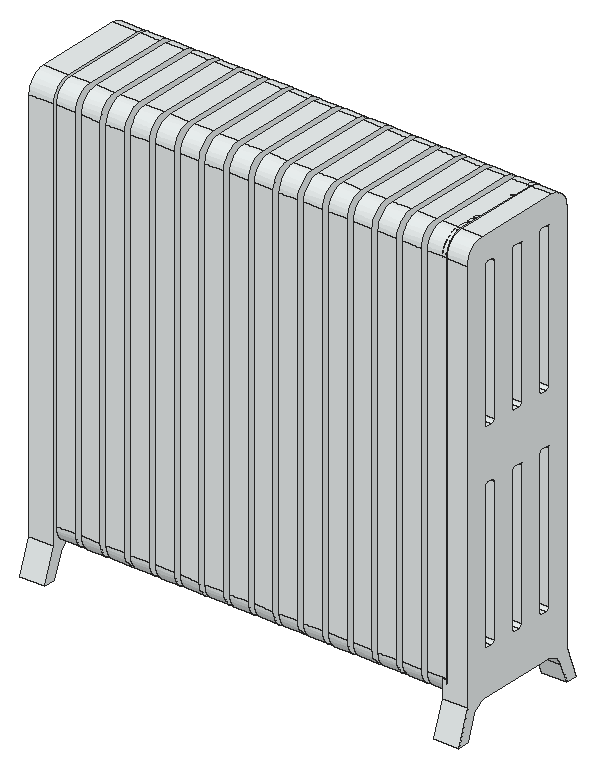
Revit family
Parameters (values of type "900mm")
  Sections = S1 / 25.4 mm  # 16
  S1 = (Length - 101.6 mm) / 2  # 399.2 mm
  Length = 900 mm
  Keynote = "T"
  Finish = Metal - Painted, White
Types (3, lengths in mm): name | Sections | S1 | Length
  (no name) | 16 | 399.2 | 900
  900mm | 16 | 399.2 | 900
  1200mm | 22 | 549.2 | 1200
Reference planes
  plane 1 "Center (Front/Back)": y = 0
  plane 2: z = 0
  plane 3 "Center (Left/Right)": x = -0.046
  plane 4: x = 0
  plane 5: x = 899.954
  plane 6: y = -254
  plane 7: z = 914.4
  plane 8: z = 63.5
  plane 9: x = 50.8
  plane 10: x = 849.154
  plane 11: y = -127
  plane 12: z = 507.735
  plane 13: y = -127
  plane 14: z = 507.735
  plane 15: y = -127
  plane 16: z = 507.735
  plane 17: x = 101.554
  plane 18: x = 842.804
  plane 19: x = 95.204
  plane 20: y = -127
  plane 21: z = 507.735
  plane 22: y = -127
  plane 23: z = 507.735
  plane 24: y = -127
  plane 25: z = 507.735
  plane 26: y = -127
  plane 27: z = 507.735
  plane 28: y = -127
  plane 29: z = 507.735
  plane 30: y = -127
  plane 31: z = 507.735
  plane 32: y = -127
  plane 33: z = 507.735
  plane 34: y = -127
  plane 35: z = 507.735
  plane 36: y = -127
  plane 37: z = 507.735
  plane 38: y = -127
  plane 39: z = 507.735
  plane 40: y = -127
  plane 41: z = 507.735
  plane 42: y = -127
  plane 43: z = 507.735
  plane 44: y = -127
  plane 45: z = 507.735
  plane 46: y = -127
  plane 47: z = 507.735
  plane 48: y = -127
  plane 49: z = 507.735
Forms (mm)
  Extrusion 1, solid, material "Metal - Painted, White" <- "Finish"
    sketch origin (-0.046, 0, 0) x (0, 1, 0) y (0, 0, 1)
      loop
        line (-38.1, 914.4) -> (-215.9, 914.4)
        arc (-215.9, 914.4) -> (-242.841, 903.241) -> (-254, 876.3) r 38.1
        line (-254, 876.3) -> (-254, 63.5) -> (-277.112, 0) -> (-254, 0) -> (-240.012, 38.431)
        arc (-240.012, 38.431) -> (-226.063, 56.61) -> (-204.21, 63.5) r 38.1
        line (-204.21, 63.5) -> (-49.79, 63.5)
        arc (-49.79, 63.5) -> (-27.937, 56.61) -> (-13.988, 38.431) r 38.1
        line (-13.988, 38.431) -> (0, 0) -> (23.112, 0) -> (0, 63.5) -> (0, 876.3)
        arc (0, 876.3) -> (-11.159, 903.241) -> (-38.1, 914.4) r 38.1
      loop
        line (-209.55, 857.25) -> (-209.55, 564.885)
        arc (-209.55, 564.885) -> (-207.69, 560.395) -> (-203.2, 558.535) r 6.35
        line (-203.2, 558.535) -> (-190.5, 558.535)
        arc (-190.5, 558.535) -> (-186.01, 560.395) -> (-184.15, 564.885) r 6.35
        line (-184.15, 564.885) -> (-184.15, 857.25)
        arc (-184.15, 857.25) -> (-186.01, 861.74) -> (-190.5, 863.6) r 6.35
        line (-190.5, 863.6) -> (-203.2, 863.6)
        arc (-203.2, 863.6) -> (-207.69, 861.74) -> (-209.55, 857.25) r 6.35
      loop
        line (-133.35, 558.535) -> (-120.65, 558.535)
        arc (-120.65, 558.535) -> (-116.16, 560.395) -> (-114.3, 564.885) r 6.35
        line (-114.3, 564.885) -> (-114.3, 857.25)
        arc (-114.3, 857.25) -> (-116.16, 861.74) -> (-120.65, 863.6) r 6.35
        line (-120.65, 863.6) -> (-133.35, 863.6)
        arc (-133.35, 863.6) -> (-137.84, 861.74) -> (-139.7, 857.25) r 6.35
        line (-139.7, 857.25) -> (-139.7, 564.885)
        arc (-139.7, 564.885) -> (-137.84, 560.395) -> (-133.35, 558.535) r 6.35
      loop
        arc (-69.85, 564.885) -> (-67.99, 560.395) -> (-63.5, 558.535) r 6.35
        line (-63.5, 558.535) -> (-50.8, 558.535)
        arc (-50.8, 558.535) -> (-46.31, 560.395) -> (-44.45, 564.885) r 6.35
        line (-44.45, 564.885) -> (-44.45, 857.25)
        arc (-44.45, 857.25) -> (-46.31, 861.74) -> (-50.8, 863.6) r 6.35
        line (-50.8, 863.6) -> (-63.5, 863.6)
        arc (-63.5, 863.6) -> (-67.99, 861.74) -> (-69.85, 857.25) r 6.35
        line (-69.85, 857.25) -> (-69.85, 564.885)
      loop
        arc (-44.45, 450.585) -> (-46.31, 455.075) -> (-50.8, 456.935) r 6.35
        line (-50.8, 456.935) -> (-63.5, 456.935)
        arc (-63.5, 456.935) -> (-67.99, 455.075) -> (-69.85, 450.585) r 6.35
        line (-69.85, 450.585) -> (-69.85, 158.221)
        arc (-69.85, 158.221) -> (-67.99, 153.731) -> (-63.5, 151.871) r 6.35
        line (-63.5, 151.871) -> (-50.8, 151.871)
        arc (-50.8, 151.871) -> (-46.31, 153.731) -> (-44.45, 158.221) r 6.35
        line (-44.45, 158.221) -> (-44.45, 450.585)
      loop
        arc (-114.3, 450.585) -> (-116.16, 455.075) -> (-120.65, 456.935) r 6.35
        line (-120.65, 456.935) -> (-133.35, 456.935)
        arc (-133.35, 456.935) -> (-137.84, 455.075) -> (-139.7, 450.585) r 6.35
        line (-139.7, 450.585) -> (-139.7, 158.221)
        arc (-139.7, 158.221) -> (-137.84, 153.731) -> (-133.35, 151.871) r 6.35
        line (-133.35, 151.871) -> (-120.65, 151.871)
        arc (-120.65, 151.871) -> (-116.16, 153.731) -> (-114.3, 158.221) r 6.35
        line (-114.3, 158.221) -> (-114.3, 450.585)
      loop
        arc (-184.15, 450.585) -> (-186.01, 455.075) -> (-190.5, 456.935) r 6.35
        line (-190.5, 456.935) -> (-203.2, 456.935)
        arc (-203.2, 456.935) -> (-207.69, 455.075) -> (-209.55, 450.585) r 6.35
        line (-209.55, 450.585) -> (-209.55, 158.221)
        arc (-209.55, 158.221) -> (-207.69, 153.731) -> (-203.2, 151.871) r 6.35
        line (-203.2, 151.871) -> (-190.5, 151.871)
        arc (-190.5, 151.871) -> (-186.01, 153.731) -> (-184.15, 158.221) r 6.35
        line (-184.15, 158.221) -> (-184.15, 450.585)
    from 849.2 to 900
  Extrusion 2, solid, material "Metal - Painted, White" <- "Finish"
    sketch origin (609.6, 0, 0) x (0, 1, 0) y (0, 0, 1)
      loop
        line (-38.1, 914.4) -> (-215.9, 914.4)
        arc (-215.9, 914.4) -> (-242.841, 903.241) -> (-254, 876.3) r 38.1
        line (-254, 876.3) -> (-254, 63.5) -> (-277.112, 0) -> (-254, 0) -> (-240.012, 38.431)
        arc (-240.012, 38.431) -> (-226.063, 56.61) -> (-204.21, 63.5) r 38.1
        line (-204.21, 63.5) -> (-49.79, 63.5)
        arc (-49.79, 63.5) -> (-27.937, 56.61) -> (-13.988, 38.431) r 38.1
        line (-13.988, 38.431) -> (0, 0) -> (23.112, 0) -> (0, 63.5) -> (0, 876.3)
        arc (0, 876.3) -> (-11.159, 903.241) -> (-38.1, 914.4) r 38.1
      loop
        arc (-120.65, 558.535) -> (-116.16, 560.395) -> (-114.3, 564.885) r 6.35
        line (-114.3, 564.885) -> (-114.3, 857.25)
        arc (-114.3, 857.25) -> (-116.16, 861.74) -> (-120.65, 863.6) r 6.35
        line (-120.65, 863.6) -> (-133.35, 863.6)
        arc (-133.35, 863.6) -> (-137.84, 861.74) -> (-139.7, 857.25) r 6.35
        line (-139.7, 857.25) -> (-139.7, 564.885)
        arc (-139.7, 564.885) -> (-137.84, 560.395) -> (-133.35, 558.535) r 6.35
        line (-133.35, 558.535) -> (-120.65, 558.535)
      loop
        arc (-190.5, 558.535) -> (-186.01, 560.395) -> (-184.15, 564.885) r 6.35
        line (-184.15, 564.885) -> (-184.15, 857.25)
        arc (-184.15, 857.25) -> (-186.01, 861.74) -> (-190.5, 863.6) r 6.35
        line (-190.5, 863.6) -> (-203.2, 863.6)
        arc (-203.2, 863.6) -> (-207.69, 861.74) -> (-209.55, 857.25) r 6.35
        line (-209.55, 857.25) -> (-209.55, 564.885)
        arc (-209.55, 564.885) -> (-207.69, 560.395) -> (-203.2, 558.535) r 6.35
        line (-203.2, 558.535) -> (-190.5, 558.535)
      loop
        line (-63.5, 558.535) -> (-50.8, 558.535)
        arc (-50.8, 558.535) -> (-46.31, 560.395) -> (-44.45, 564.885) r 6.35
        line (-44.45, 564.885) -> (-44.45, 857.25)
        arc (-44.45, 857.25) -> (-46.31, 861.74) -> (-50.8, 863.6) r 6.35
        line (-50.8, 863.6) -> (-63.5, 863.6)
        arc (-63.5, 863.6) -> (-67.99, 861.74) -> (-69.85, 857.25) r 6.35
        line (-69.85, 857.25) -> (-69.85, 564.885)
        arc (-69.85, 564.885) -> (-67.99, 560.395) -> (-63.5, 558.535) r 6.35
      loop
        line (-120.65, 456.935) -> (-133.35, 456.935)
        arc (-133.35, 456.935) -> (-137.84, 455.075) -> (-139.7, 450.585) r 6.35
        line (-139.7, 450.585) -> (-139.7, 158.221)
        arc (-139.7, 158.221) -> (-137.84, 153.731) -> (-133.35, 151.871) r 6.35
        line (-133.35, 151.871) -> (-120.65, 151.871)
        arc (-120.65, 151.871) -> (-116.16, 153.731) -> (-114.3, 158.221) r 6.35
        line (-114.3, 158.221) -> (-114.3, 450.585)
        arc (-114.3, 450.585) -> (-116.16, 455.075) -> (-120.65, 456.935) r 6.35
      loop
        line (-190.5, 456.935) -> (-203.2, 456.935)
        arc (-203.2, 456.935) -> (-207.69, 455.075) -> (-209.55, 450.585) r 6.35
        line (-209.55, 450.585) -> (-209.55, 158.221)
        arc (-209.55, 158.221) -> (-207.69, 153.731) -> (-203.2, 151.871) r 6.35
        line (-203.2, 151.871) -> (-190.5, 151.871)
        arc (-190.5, 151.871) -> (-186.01, 153.731) -> (-184.15, 158.221) r 6.35
        line (-184.15, 158.221) -> (-184.15, 450.585)
        arc (-184.15, 450.585) -> (-186.01, 455.075) -> (-190.5, 456.935) r 6.35
      loop
        arc (-63.5, 456.935) -> (-67.99, 455.075) -> (-69.85, 450.585) r 6.35
        line (-69.85, 450.585) -> (-69.85, 158.221)
        arc (-69.85, 158.221) -> (-67.99, 153.731) -> (-63.5, 151.871) r 6.35
        line (-63.5, 151.871) -> (-50.8, 151.871)
        arc (-50.8, 151.871) -> (-46.31, 153.731) -> (-44.45, 158.221) r 6.35
        line (-44.45, 158.221) -> (-44.45, 450.585)
        arc (-44.45, 450.585) -> (-46.31, 455.075) -> (-50.8, 456.935) r 6.35
        line (-50.8, 456.935) -> (-63.5, 456.935)
    from -609.6 to -558.8
  Extrusion 3, solid, material "Metal - Painted, White" <- "Finish"
    sketch origin (456.757, 0, 0) x (0, 1, 0) y (0, 0, 1)
      loop
        line (-38.1, 914.4) -> (-215.9, 914.4)
        arc (-215.9, 914.4) -> (-242.841, 903.241) -> (-254, 876.3) r 38.1
        line (-254, 876.3) -> (-254, 101.6)
        arc (-254, 101.6) -> (-242.841, 74.659) -> (-215.9, 63.5) r 38.1
        line (-215.9, 63.5) -> (-38.1, 63.5)
        arc (-38.1, 63.5) -> (-11.159, 74.659) -> (0, 101.6) r 38.1
        line (0, 101.6) -> (0, 876.3)
        arc (0, 876.3) -> (-11.159, 903.241) -> (-38.1, 914.4) r 38.1
    from -400.05 to -361.553
  Extrusion 4, solid, material "Metal - Painted, White" <- "Finish"
    sketch origin (507.511, 0, 0) x (0, 1, 0) y (0, 0, 1)
      loop
        line (-38.1, 914.4) -> (-215.9, 914.4)
        arc (-215.9, 914.4) -> (-242.841, 903.241) -> (-254, 876.3) r 38.1
        line (-254, 876.3) -> (-254, 101.6)
        arc (-254, 101.6) -> (-242.841, 74.659) -> (-215.9, 63.5) r 38.1
        line (-215.9, 63.5) -> (-38.1, 63.5)
        arc (-38.1, 63.5) -> (-11.159, 74.659) -> (0, 101.6) r 38.1
        line (0, 101.6) -> (0, 876.3)
        arc (0, 876.3) -> (-11.159, 903.241) -> (-38.1, 914.4) r 38.1
    from -400.05 to -361.553
  Extrusion 5, solid, material "Metal - Painted, White" <- "Finish"
    sketch origin (558.265, 0, 0) x (0, 1, 0) y (0, 0, 1)
      loop
        line (-38.1, 914.4) -> (-215.9, 914.4)
        arc (-215.9, 914.4) -> (-242.841, 903.241) -> (-254, 876.3) r 38.1
        line (-254, 876.3) -> (-254, 101.6)
        arc (-254, 101.6) -> (-242.841, 74.659) -> (-215.9, 63.5) r 38.1
        line (-215.9, 63.5) -> (-38.1, 63.5)
        arc (-38.1, 63.5) -> (-11.159, 74.659) -> (0, 101.6) r 38.1
        line (0, 101.6) -> (0, 876.3)
        arc (0, 876.3) -> (-11.159, 903.241) -> (-38.1, 914.4) r 38.1
    from -400.05 to -361.553
  Extrusion 6, solid, material "Metal - Painted, White" <- "Finish"
    sketch origin (609.019, 0, 0) x (0, 1, 0) y (0, 0, 1)
      loop
        line (-38.1, 914.4) -> (-215.9, 914.4)
        arc (-215.9, 914.4) -> (-242.841, 903.241) -> (-254, 876.3) r 38.1
        line (-254, 876.3) -> (-254, 101.6)
        arc (-254, 101.6) -> (-242.841, 74.659) -> (-215.9, 63.5) r 38.1
        line (-215.9, 63.5) -> (-38.1, 63.5)
        arc (-38.1, 63.5) -> (-11.159, 74.659) -> (0, 101.6) r 38.1
        line (0, 101.6) -> (0, 876.3)
        arc (0, 876.3) -> (-11.159, 903.241) -> (-38.1, 914.4) r 38.1
    from -400.05 to -361.553
  Extrusion 7, solid, material "Metal - Painted, White" <- "Finish"
    sketch origin (659.773, 0, 0) x (0, 1, 0) y (0, 0, 1)
      loop
        line (-38.1, 914.4) -> (-215.9, 914.4)
        arc (-215.9, 914.4) -> (-242.841, 903.241) -> (-254, 876.3) r 38.1
        line (-254, 876.3) -> (-254, 101.6)
        arc (-254, 101.6) -> (-242.841, 74.659) -> (-215.9, 63.5) r 38.1
        line (-215.9, 63.5) -> (-38.1, 63.5)
        arc (-38.1, 63.5) -> (-11.159, 74.659) -> (0, 101.6) r 38.1
        line (0, 101.6) -> (0, 876.3)
        arc (0, 876.3) -> (-11.159, 903.241) -> (-38.1, 914.4) r 38.1
    from -400.05 to -361.553
  Extrusion 8, solid, material "Metal - Painted, White" <- "Finish"
    sketch origin (710.527, 0, 0) x (0, 1, 0) y (0, 0, 1)
      loop
        line (-38.1, 914.4) -> (-215.9, 914.4)
        arc (-215.9, 914.4) -> (-242.841, 903.241) -> (-254, 876.3) r 38.1
        line (-254, 876.3) -> (-254, 101.6)
        arc (-254, 101.6) -> (-242.841, 74.659) -> (-215.9, 63.5) r 38.1
        line (-215.9, 63.5) -> (-38.1, 63.5)
        arc (-38.1, 63.5) -> (-11.159, 74.659) -> (0, 101.6) r 38.1
        line (0, 101.6) -> (0, 876.3)
        arc (0, 876.3) -> (-11.159, 903.241) -> (-38.1, 914.4) r 38.1
    from -400.05 to -361.553
  Extrusion 9, solid, material "Metal - Painted, White" <- "Finish"
    sketch origin (761.281, 0, 0) x (0, 1, 0) y (0, 0, 1)
      loop
        line (-38.1, 914.4) -> (-215.9, 914.4)
        arc (-215.9, 914.4) -> (-242.841, 903.241) -> (-254, 876.3) r 38.1
        line (-254, 876.3) -> (-254, 101.6)
        arc (-254, 101.6) -> (-242.841, 74.659) -> (-215.9, 63.5) r 38.1
        line (-215.9, 63.5) -> (-38.1, 63.5)
        arc (-38.1, 63.5) -> (-11.159, 74.659) -> (0, 101.6) r 38.1
        line (0, 101.6) -> (0, 876.3)
        arc (0, 876.3) -> (-11.159, 903.241) -> (-38.1, 914.4) r 38.1
    from -400.05 to -361.553
  Extrusion 10, solid, material "Metal - Painted, White" <- "Finish"
    sketch origin (812.035, 0, 0) x (0, 1, 0) y (0, 0, 1)
      loop
        line (-38.1, 914.4) -> (-215.9, 914.4)
        arc (-215.9, 914.4) -> (-242.841, 903.241) -> (-254, 876.3) r 38.1
        line (-254, 876.3) -> (-254, 101.6)
        arc (-254, 101.6) -> (-242.841, 74.659) -> (-215.9, 63.5) r 38.1
        line (-215.9, 63.5) -> (-38.1, 63.5)
        arc (-38.1, 63.5) -> (-11.159, 74.659) -> (0, 101.6) r 38.1
        line (0, 101.6) -> (0, 876.3)
        arc (0, 876.3) -> (-11.159, 903.241) -> (-38.1, 914.4) r 38.1
    from -400.05 to -361.553
  Extrusion 11, solid, material "Metal - Painted, White" <- "Finish"
    sketch origin (862.789, 0, 0) x (0, 1, 0) y (0, 0, 1)
      loop
        line (-38.1, 914.4) -> (-215.9, 914.4)
        arc (-215.9, 914.4) -> (-242.841, 903.241) -> (-254, 876.3) r 38.1
        line (-254, 876.3) -> (-254, 101.6)
        arc (-254, 101.6) -> (-242.841, 74.659) -> (-215.9, 63.5) r 38.1
        line (-215.9, 63.5) -> (-38.1, 63.5)
        arc (-38.1, 63.5) -> (-11.159, 74.659) -> (0, 101.6) r 38.1
        line (0, 101.6) -> (0, 876.3)
        arc (0, 876.3) -> (-11.159, 903.241) -> (-38.1, 914.4) r 38.1
    from -400.05 to -361.553
  Extrusion 12, solid, material "Metal - Painted, White" <- "Finish"
    sketch origin (913.543, 0, 0) x (0, 1, 0) y (0, 0, 1)
      loop
        line (-38.1, 914.4) -> (-215.9, 914.4)
        arc (-215.9, 914.4) -> (-242.841, 903.241) -> (-254, 876.3) r 38.1
        line (-254, 876.3) -> (-254, 101.6)
        arc (-254, 101.6) -> (-242.841, 74.659) -> (-215.9, 63.5) r 38.1
        line (-215.9, 63.5) -> (-38.1, 63.5)
        arc (-38.1, 63.5) -> (-11.159, 74.659) -> (0, 101.6) r 38.1
        line (0, 101.6) -> (0, 876.3)
        arc (0, 876.3) -> (-11.159, 903.241) -> (-38.1, 914.4) r 38.1
    from -400.05 to -361.553
  Extrusion 13, solid, material "Metal - Painted, White" <- "Finish"
    sketch origin (964.297, 0, 0) x (0, 1, 0) y (0, 0, 1)
      loop
        line (-38.1, 914.4) -> (-215.9, 914.4)
        arc (-215.9, 914.4) -> (-242.841, 903.241) -> (-254, 876.3) r 38.1
        line (-254, 876.3) -> (-254, 101.6)
        arc (-254, 101.6) -> (-242.841, 74.659) -> (-215.9, 63.5) r 38.1
        line (-215.9, 63.5) -> (-38.1, 63.5)
        arc (-38.1, 63.5) -> (-11.159, 74.659) -> (0, 101.6) r 38.1
        line (0, 101.6) -> (0, 876.3)
        arc (0, 876.3) -> (-11.159, 903.241) -> (-38.1, 914.4) r 38.1
    from -400.05 to -361.553
  Extrusion 14, solid, material "Metal - Painted, White" <- "Finish"
    sketch origin (1015.051, 0, 0) x (0, 1, 0) y (0, 0, 1)
      loop
        line (-38.1, 914.4) -> (-215.9, 914.4)
        arc (-215.9, 914.4) -> (-242.841, 903.241) -> (-254, 876.3) r 38.1
        line (-254, 876.3) -> (-254, 101.6)
        arc (-254, 101.6) -> (-242.841, 74.659) -> (-215.9, 63.5) r 38.1
        line (-215.9, 63.5) -> (-38.1, 63.5)
        arc (-38.1, 63.5) -> (-11.159, 74.659) -> (0, 101.6) r 38.1
        line (0, 101.6) -> (0, 876.3)
        arc (0, 876.3) -> (-11.159, 903.241) -> (-38.1, 914.4) r 38.1
    from -400.05 to -361.553
  Extrusion 15, solid, material "Metal - Painted, White" <- "Finish"
    sketch origin (1065.805, 0, 0) x (0, 1, 0) y (0, 0, 1)
      loop
        line (-38.1, 914.4) -> (-215.9, 914.4)
        arc (-215.9, 914.4) -> (-242.841, 903.241) -> (-254, 876.3) r 38.1
        line (-254, 876.3) -> (-254, 101.6)
        arc (-254, 101.6) -> (-242.841, 74.659) -> (-215.9, 63.5) r 38.1
        line (-215.9, 63.5) -> (-38.1, 63.5)
        arc (-38.1, 63.5) -> (-11.159, 74.659) -> (0, 101.6) r 38.1
        line (0, 101.6) -> (0, 876.3)
        arc (0, 876.3) -> (-11.159, 903.241) -> (-38.1, 914.4) r 38.1
    from -400.05 to -361.553
  Extrusion 16, solid, material "Metal - Painted, White" <- "Finish"
    sketch origin (1116.559, 0, 0) x (0, 1, 0) y (0, 0, 1)
      loop
        line (-38.1, 914.4) -> (-215.9, 914.4)
        arc (-215.9, 914.4) -> (-242.841, 903.241) -> (-254, 876.3) r 38.1
        line (-254, 876.3) -> (-254, 101.6)
        arc (-254, 101.6) -> (-242.841, 74.659) -> (-215.9, 63.5) r 38.1
        line (-215.9, 63.5) -> (-38.1, 63.5)
        arc (-38.1, 63.5) -> (-11.159, 74.659) -> (0, 101.6) r 38.1
        line (0, 101.6) -> (0, 876.3)
        arc (0, 876.3) -> (-11.159, 903.241) -> (-38.1, 914.4) r 38.1
    from -400.05 to -361.553
  Extrusion 17, solid, material "Metal - Painted, White" <- "Finish"
    sketch origin (1167.313, 0, 0) x (0, 1, 0) y (0, 0, 1)
      loop
        line (-38.1, 914.4) -> (-215.9, 914.4)
        arc (-215.9, 914.4) -> (-242.841, 903.241) -> (-254, 876.3) r 38.1
        line (-254, 876.3) -> (-254, 101.6)
        arc (-254, 101.6) -> (-242.841, 74.659) -> (-215.9, 63.5) r 38.1
        line (-215.9, 63.5) -> (-38.1, 63.5)
        arc (-38.1, 63.5) -> (-11.159, 74.659) -> (0, 101.6) r 38.1
        line (0, 101.6) -> (0, 876.3)
        arc (0, 876.3) -> (-11.159, 903.241) -> (-38.1, 914.4) r 38.1
    from -400.05 to -361.553
  Extrusion 18, solid, material "Metal - Painted, White" <- "Finish"
    sketch origin (1218.067, 0, 0) x (0, 1, 0) y (0, 0, 1)
      loop
        line (-38.1, 914.4) -> (-215.9, 914.4)
        arc (-215.9, 914.4) -> (-242.841, 903.241) -> (-254, 876.3) r 38.1
        line (-254, 876.3) -> (-254, 101.6)
        arc (-254, 101.6) -> (-242.841, 74.659) -> (-215.9, 63.5) r 38.1
        line (-215.9, 63.5) -> (-38.1, 63.5)
        arc (-38.1, 63.5) -> (-11.159, 74.659) -> (0, 101.6) r 38.1
        line (0, 101.6) -> (0, 876.3)
        arc (0, 876.3) -> (-11.159, 903.241) -> (-38.1, 914.4) r 38.1
    from -400.05 to -361.553
Dimensions and locks
  locked: plane 6 to plane 1 "Center (Front/Back)" at 254
  locked: plane 7 to plane 2 at 914.4
  locked: plane 8 to plane 2 at 63.5
  locked: plane 4 to plane 9 at 50.8
  locked: plane 10 to plane 5 at 50.8
  plane 9 to plane 17 = 50.754 mm
  locked: plane 18 to plane 10 at 6.35
  locked: plane 19 to plane 17 at 6.35
  "Length": plane 3 "Center (Left/Right)" to plane 5
  equal spacing: group 1, group 2, group 3, group 4, group 5, group 6, group 7, group 8, group 9, group 10, group 11, group 12, group 13, group 14, group 15, group 16  (x3)
  aligned and locked: Extrusion 1 to plane 5
  aligned and locked: plane 10 to Extrusion 1
  aligned and locked: plane 4 to Extrusion 2
  aligned and locked: Extrusion 2 to plane 9
  aligned and locked: plane 19 to Extrusion 3
Automatic sketch dimensions
  Extrusion 3 sketch curve to plane 15 = 127 mm
  Extrusion 3 sketch curve to Extrusion 3 sketch curve = 38.1 mm  (x3)
  plane 15 to Extrusion 3 sketch curve = 88.9 mm  (x2)
  plane 16 to Extrusion 3 sketch curve = 444.235 mm
  Extrusion 3 sketch curve to plane 16 = 368.565 mm
  Extrusion 4 sketch curve to plane 20 = 127 mm
  Extrusion 4 sketch curve to Extrusion 4 sketch curve = 38.1 mm  (x3)
  plane 20 to Extrusion 4 sketch curve = 88.9 mm  (x2)
  plane 21 to Extrusion 4 sketch curve = 444.235 mm
  Extrusion 4 sketch curve to plane 21 = 368.565 mm
  Extrusion 5 sketch curve to plane 22 = 127 mm
  Extrusion 5 sketch curve to Extrusion 5 sketch curve = 38.1 mm  (x3)
  plane 22 to Extrusion 5 sketch curve = 88.9 mm  (x2)
  plane 23 to Extrusion 5 sketch curve = 444.235 mm
  Extrusion 5 sketch curve to plane 23 = 368.565 mm
  Extrusion 6 sketch curve to plane 24 = 127 mm
  Extrusion 6 sketch curve to Extrusion 6 sketch curve = 38.1 mm  (x3)
  plane 24 to Extrusion 6 sketch curve = 88.9 mm  (x2)
  plane 25 to Extrusion 6 sketch curve = 444.235 mm
  Extrusion 6 sketch curve to plane 25 = 368.565 mm
  Extrusion 7 sketch curve to plane 26 = 127 mm
  Extrusion 7 sketch curve to Extrusion 7 sketch curve = 38.1 mm  (x3)
  plane 26 to Extrusion 7 sketch curve = 88.9 mm  (x2)
  plane 27 to Extrusion 7 sketch curve = 444.235 mm
  Extrusion 7 sketch curve to plane 27 = 368.565 mm
  Extrusion 8 sketch curve to plane 28 = 127 mm
  Extrusion 8 sketch curve to Extrusion 8 sketch curve = 38.1 mm  (x3)
  plane 28 to Extrusion 8 sketch curve = 88.9 mm  (x2)
  plane 29 to Extrusion 8 sketch curve = 444.235 mm
  Extrusion 8 sketch curve to plane 29 = 368.565 mm
  Extrusion 9 sketch curve to plane 30 = 127 mm
  Extrusion 9 sketch curve to Extrusion 9 sketch curve = 38.1 mm  (x3)
  plane 30 to Extrusion 9 sketch curve = 88.9 mm  (x2)
  plane 31 to Extrusion 9 sketch curve = 444.235 mm
  Extrusion 9 sketch curve to plane 31 = 368.565 mm
  Extrusion 10 sketch curve to plane 32 = 127 mm
  Extrusion 10 sketch curve to Extrusion 10 sketch curve = 38.1 mm  (x3)
  plane 32 to Extrusion 10 sketch curve = 88.9 mm  (x2)
  plane 33 to Extrusion 10 sketch curve = 444.235 mm
  Extrusion 10 sketch curve to plane 33 = 368.565 mm
  Extrusion 11 sketch curve to plane 34 = 127 mm
  Extrusion 11 sketch curve to Extrusion 11 sketch curve = 38.1 mm  (x3)
  plane 34 to Extrusion 11 sketch curve = 88.9 mm  (x2)
  plane 35 to Extrusion 11 sketch curve = 444.235 mm
  Extrusion 11 sketch curve to plane 35 = 368.565 mm
  Extrusion 12 sketch curve to plane 36 = 127 mm
  Extrusion 12 sketch curve to Extrusion 12 sketch curve = 38.1 mm  (x3)
  plane 36 to Extrusion 12 sketch curve = 88.9 mm  (x2)
  plane 37 to Extrusion 12 sketch curve = 444.235 mm
  Extrusion 12 sketch curve to plane 37 = 368.565 mm
  Extrusion 13 sketch curve to plane 38 = 127 mm
  Extrusion 13 sketch curve to Extrusion 13 sketch curve = 38.1 mm  (x3)
  plane 38 to Extrusion 13 sketch curve = 88.9 mm  (x2)
  plane 39 to Extrusion 13 sketch curve = 444.235 mm
  Extrusion 13 sketch curve to plane 39 = 368.565 mm
  Extrusion 14 sketch curve to plane 40 = 127 mm
  Extrusion 14 sketch curve to Extrusion 14 sketch curve = 38.1 mm  (x3)
  plane 40 to Extrusion 14 sketch curve = 88.9 mm  (x2)
  plane 41 to Extrusion 14 sketch curve = 444.235 mm
  Extrusion 14 sketch curve to plane 41 = 368.565 mm
  Extrusion 15 sketch curve to plane 42 = 127 mm
  Extrusion 15 sketch curve to Extrusion 15 sketch curve = 38.1 mm  (x3)
  plane 42 to Extrusion 15 sketch curve = 88.9 mm  (x2)
  plane 43 to Extrusion 15 sketch curve = 444.235 mm
  Extrusion 15 sketch curve to plane 43 = 368.565 mm
  Extrusion 16 sketch curve to plane 44 = 127 mm
  Extrusion 16 sketch curve to Extrusion 16 sketch curve = 38.1 mm  (x3)
  plane 44 to Extrusion 16 sketch curve = 88.9 mm  (x2)
  plane 45 to Extrusion 16 sketch curve = 444.235 mm
  Extrusion 16 sketch curve to plane 45 = 368.565 mm
  Extrusion 17 sketch curve to plane 46 = 127 mm
  Extrusion 17 sketch curve to Extrusion 17 sketch curve = 38.1 mm  (x3)
  plane 46 to Extrusion 17 sketch curve = 88.9 mm  (x2)
  plane 47 to Extrusion 17 sketch curve = 444.235 mm
  Extrusion 17 sketch curve to plane 47 = 368.565 mm
  Extrusion 18 sketch curve to plane 48 = 127 mm
  Extrusion 18 sketch curve to Extrusion 18 sketch curve = 38.1 mm  (x3)
  plane 48 to Extrusion 18 sketch curve = 88.9 mm  (x2)
  plane 49 to Extrusion 18 sketch curve = 444.235 mm
  Extrusion 18 sketch curve to plane 49 = 368.565 mm
  Extrusion 2 sketch curve to level = 0 mm  (x2)
  Extrusion 2 sketch curve to plane 6 = 0 mm  (x2)
  Extrusion 2 sketch curve to plane 7 = 0 mm
  Extrusion 2 sketch curve to plane 8 = 0 mm  (x3)
  Extrusion 2 sketch curve to plane 1 "Center (Front/Back)" = 0 mm  (x2)
  plane 6 to Extrusion 2 sketch curve = 23.112 mm
  Extrusion 2 sketch curve to plane 6 = 13.988 mm
  Extrusion 2 sketch curve to plane 6 = 38.1 mm
  Extrusion 2 sketch curve to Extrusion 2 sketch curve = 6.35 mm  (x16)
  Extrusion 2 sketch curve to Extrusion 2 sketch curve = 35.802 mm
  Extrusion 2 sketch curve to Extrusion 2 sketch curve = 12.7 mm  (x8)
  Extrusion 2 sketch curve to plane 13 = 12.7 mm  (x2)
  Extrusion 2 sketch curve to plane 13 = 6.35 mm  (x4)
  plane 13 to Extrusion 2 sketch curve = 6.35 mm  (x4)
  Extrusion 2 sketch curve to Extrusion 2 sketch curve = 49.79 mm
  plane 1 "Center (Front/Back)" to Extrusion 2 sketch curve = 38.1 mm
  plane 1 "Center (Front/Back)" to Extrusion 2 sketch curve = 13.988 mm
  Extrusion 2 sketch curve to plane 1 "Center (Front/Back)" = 23.112 mm
  level to Extrusion 2 sketch curve = 25.4 mm  (x2)
  Extrusion 2 sketch curve to plane 14 = 50.8 mm  (x3)
  Extrusion 2 sketch curve to Extrusion 2 sketch curve = 19.05 mm  (x2)
  Extrusion 2 sketch curve to Extrusion 2 sketch curve = 0 mm  (x2)
  Extrusion 2 sketch curve to plane 6 = 44.45 mm
  Extrusion 2 sketch curve to Extrusion 2 sketch curve = 44.45 mm
  Extrusion 2 sketch curve to Extrusion 2 sketch curve = 31.75 mm
  Extrusion 2 sketch curve to plane 8 = 88.371 mm  (x2)
  plane 14 to Extrusion 2 sketch curve = 57.15 mm  (x2)
  Extrusion 1 sketch curve to level = 0 mm  (x2)
  Extrusion 1 sketch curve to plane 6 = 0 mm  (x2)
  Extrusion 1 sketch curve to plane 7 = 0 mm
  Extrusion 1 sketch curve to plane 8 = 0 mm  (x3)
  Extrusion 1 sketch curve to plane 1 "Center (Front/Back)" = 0 mm  (x2)
  plane 6 to Extrusion 1 sketch curve = 23.112 mm
  Extrusion 1 sketch curve to plane 6 = 13.988 mm
  Extrusion 1 sketch curve to Extrusion 1 sketch curve = 38.1 mm
  Extrusion 1 sketch curve to plane 6 = 44.45 mm
  Extrusion 1 sketch curve to Extrusion 1 sketch curve = 6.35 mm  (x17)
  level to Extrusion 1 sketch curve = 25.4 mm  (x2)
  Extrusion 1 sketch curve to Extrusion 1 sketch curve = 35.802 mm
  Extrusion 1 sketch curve to Extrusion 1 sketch curve = 12.7 mm  (x9)
  Extrusion 1 sketch curve to plane 11 = 12.7 mm  (x2)
  Extrusion 1 sketch curve to plane 11 = 6.35 mm  (x3)
  plane 11 to Extrusion 1 sketch curve = 6.35 mm  (x4)
  Extrusion 1 sketch curve to Extrusion 1 sketch curve = 44.45 mm  (x2)
  plane 1 "Center (Front/Back)" to Extrusion 1 sketch curve = 49.79 mm
  plane 1 "Center (Front/Back)" to Extrusion 1 sketch curve = 13.988 mm
  Extrusion 1 sketch curve to Extrusion 1 sketch curve = 23.112 mm
  Extrusion 1 sketch curve to plane 8 = 88.371 mm  (x2)
  plane 12 to Extrusion 1 sketch curve = 57.15 mm  (x2)
  Extrusion 1 sketch curve to Extrusion 1 sketch curve = 0 mm
  Extrusion 1 sketch curve to plane 12 = 50.8 mm  (x3)
  Extrusion 1 sketch curve to Extrusion 1 sketch curve = 19.05 mm  (x2)
  plane 7 to Extrusion 1 sketch curve = 57.15 mm
